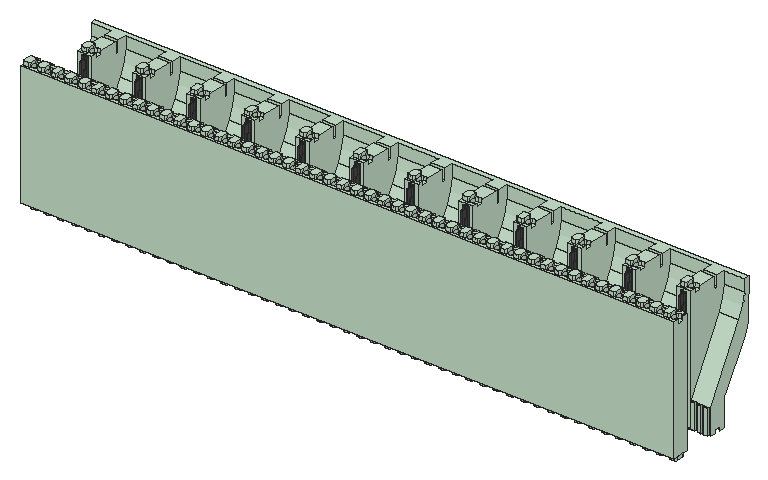
Revit family "ICF- NUDURA 4-inch- Brick Ledge Form Unit- Imperial", category Generic Models, Revit 2011 (continued)
Forms (in)
  Extrusion 106, void
    sketch origin (90, 1, 0) x (-1, 0, 0) y (0, -1, 0)
      loop
        line (2, 3.97692) -> (2, 4.89808)
        arc (2, 4.89808) -> (1.95215, 5.04517) -> (1.82692, 5.13595) r 0.25
        arc (1.82692, 5.13595) -> (1.5, 5.1875) -> (1.17308, 5.13595) r 1.0625
        arc (1.17308, 5.13595) -> (1.04785, 5.04517) -> (1, 4.89808) r 0.25
    from 0 to 0.5
  Extrusion 107, void
    sketch origin (92, 1, 0) x (-1, 0, 0) y (0, -1, 0)
      loop
        line (1, 4.89808) -> (1, 3.97692)
        arc (1, 3.97692) -> (1.04785, 3.82983) -> (1.17308, 3.73905) r 0.25
        arc (1.17308, 3.73905) -> (1.42092, 3.69045) -> (1.67323, 3.70172) r 1.0625
        arc (1.67323, 3.70172) -> (1.72385, 3.68771) -> (1.74592, 3.64005) r 0.0625
        line (1.74592, 3.64005) -> (1.74592, 3.41845) -> (1.91675, 3.41845) -> (1.91675, 3.76455)
        arc (1.91675, 3.76455) -> (1.92106, 3.78736) -> (1.9334, 3.80702) r 0.0625
        arc (1.9334, 3.80702) -> (1.98276, 3.88568) -> (2, 3.97692) r 0.25
        line (2, 3.97692) -> (2, 4.89808)
        arc (2, 4.89808) -> (1.95215, 5.04517) -> (1.82692, 5.13595) r 0.25
        arc (1.82692, 5.13595) -> (1.5, 5.1875) -> (1.17308, 5.13595) r 1.0625
        arc (1.17308, 5.13595) -> (1.04785, 5.04517) -> (1, 4.89808) r 0.25
    from 0 to 0.5
  Extrusion 108, void
    sketch origin (94, 1, 0) x (-1, 0, 0) y (0, -1, 0)
      loop
        line (1, 4.89808) -> (1, 3.97692)
        arc (1, 3.97692) -> (1.04785, 3.82983) -> (1.17308, 3.73905) r 0.25
        arc (1.17308, 3.73905) -> (1.42092, 3.69045) -> (1.67323, 3.70172) r 1.0625
        arc (1.67323, 3.70172) -> (1.72385, 3.68771) -> (1.74592, 3.64005) r 0.0625
        line (1.74592, 3.64005) -> (1.74592, 3.41845) -> (1.91675, 3.41845) -> (1.91675, 3.76455)
        arc (1.91675, 3.76455) -> (1.92106, 3.78736) -> (1.9334, 3.80702) r 0.0625
        arc (1.9334, 3.80702) -> (1.98276, 3.88568) -> (2, 3.97692) r 0.25
        line (2, 3.97692) -> (2, 4.89808)
        arc (2, 4.89808) -> (1.95215, 5.04517) -> (1.82692, 5.13595) r 0.25
        arc (1.82692, 5.13595) -> (1.5, 5.1875) -> (1.17308, 5.13595) r 1.0625
        arc (1.17308, 5.13595) -> (1.04785, 5.04517) -> (1, 4.89808) r 0.25
    from 0 to 0.5
  Extrusion 109, void
    sketch origin (96, 1, 0) x (-1, 0, 0) y (0, -1, 0)
      loop
        line (1, 4.89808) -> (1, 3.97692)
        arc (1, 3.97692) -> (1.04785, 3.82983) -> (1.17308, 3.73905) r 0.25
        arc (1.17308, 3.73905) -> (1.42092, 3.69045) -> (1.67323, 3.70172) r 1.0625
        arc (1.67323, 3.70172) -> (1.72385, 3.68771) -> (1.74592, 3.64005) r 0.0625
        line (1.74592, 3.64005) -> (1.74592, 3.41845) -> (1.91675, 3.41845) -> (1.91675, 3.76455)
        arc (1.91675, 3.76455) -> (1.92106, 3.78736) -> (1.9334, 3.80702) r 0.0625
        arc (1.9334, 3.80702) -> (1.98276, 3.88568) -> (2, 3.97692) r 0.25
        line (2, 3.97692) -> (2, 4.89808)
        arc (2, 4.89808) -> (1.95215, 5.04517) -> (1.82692, 5.13595) r 0.25
        arc (1.82692, 5.13595) -> (1.5, 5.1875) -> (1.17308, 5.13595) r 1.0625
        arc (1.17308, 5.13595) -> (1.04785, 5.04517) -> (1, 4.89808) r 0.25
    from 0 to 0.5
  Extrusion 110, void
    sketch origin (94, -1, 0) x (1, 0, 0) y (0, 1, 0)
      loop
        line (1, 4.89808) -> (1, 3.97692)
        arc (1, 3.97692) -> (1.04785, 3.82983) -> (1.17308, 3.73905) r 0.25
        arc (1.17308, 3.73905) -> (1.42092, 3.69045) -> (1.67323, 3.70172) r 1.0625
        arc (1.67323, 3.70172) -> (1.72385, 3.68771) -> (1.74592, 3.64005) r 0.0625
        line (1.74592, 3.64005) -> (1.74592, 3.41845) -> (1.91675, 3.41845) -> (1.91675, 3.76455)
        arc (1.91675, 3.76455) -> (1.92106, 3.78736) -> (1.9334, 3.80702) r 0.0625
        arc (1.9334, 3.80702) -> (1.98276, 3.88568) -> (2, 3.97692) r 0.25
        line (2, 3.97692) -> (2, 4.89808)
        arc (2, 4.89808) -> (1.95215, 5.04517) -> (1.82692, 5.13595) r 0.25
        arc (1.82692, 5.13595) -> (1.5, 5.1875) -> (1.17308, 5.13595) r 1.0625
        arc (1.17308, 5.13595) -> (1.04785, 5.04517) -> (1, 4.89808) r 0.25
    from 0 to 0.5
  Extrusion 111, void
    sketch origin (92, -1, 0) x (1, 0, 0) y (0, 1, 0)
      loop
        line (1, 4.89808) -> (1, 3.97692)
        arc (1, 3.97692) -> (1.04785, 3.82983) -> (1.17308, 3.73905) r 0.25
        arc (1.17308, 3.73905) -> (1.42092, 3.69045) -> (1.67323, 3.70172) r 1.0625
        arc (1.67323, 3.70172) -> (1.72385, 3.68771) -> (1.74592, 3.64005) r 0.0625
        line (1.74592, 3.64005) -> (1.74592, 3.41845) -> (1.91675, 3.41845) -> (1.91675, 3.76455)
        arc (1.91675, 3.76455) -> (1.92106, 3.78736) -> (1.9334, 3.80702) r 0.0625
        arc (1.9334, 3.80702) -> (1.98276, 3.88568) -> (2, 3.97692) r 0.25
        line (2, 3.97692) -> (2, 4.89808)
        arc (2, 4.89808) -> (1.95215, 5.04517) -> (1.82692, 5.13595) r 0.25
        arc (1.82692, 5.13595) -> (1.5, 5.1875) -> (1.17308, 5.13595) r 1.0625
        arc (1.17308, 5.13595) -> (1.04785, 5.04517) -> (1, 4.89808) r 0.25
    from 0 to 0.5
  Extrusion 112, void
    sketch origin (90, -1, 0) x (1, 0, 0) y (0, 1, 0)
      loop
        line (1, 4.89808) -> (1, 3.97692)
        arc (1, 3.97692) -> (1.04785, 3.82983) -> (1.17308, 3.73905) r 0.25
        arc (1.17308, 3.73905) -> (1.42092, 3.69045) -> (1.67323, 3.70172) r 1.0625
        arc (1.67323, 3.70172) -> (1.72385, 3.68771) -> (1.74592, 3.64005) r 0.0625
        line (1.74592, 3.64005) -> (1.74592, 3.41845) -> (1.91675, 3.41845) -> (1.91675, 3.76455)
        arc (1.91675, 3.76455) -> (1.92106, 3.78736) -> (1.9334, 3.80702) r 0.0625
        arc (1.9334, 3.80702) -> (1.98276, 3.88568) -> (2, 3.97692) r 0.25
        line (2, 3.97692) -> (2, 4.89808)
        arc (2, 4.89808) -> (1.95215, 5.04517) -> (1.82692, 5.13595) r 0.25
        arc (1.82692, 5.13595) -> (1.5, 5.1875) -> (1.17308, 5.13595) r 1.0625
        arc (1.17308, 5.13595) -> (1.04785, 5.04517) -> (1, 4.89808) r 0.25
    from 0 to 0.5
  Extrusion 113, void
    sketch origin (88, -1, 0) x (1, 0, 0) y (0, 1, 0)
      loop
        line (1, 4.89808) -> (1, 3.97692)
        arc (1, 3.97692) -> (1.04785, 3.82983) -> (1.17308, 3.73905) r 0.25
        arc (1.17308, 3.73905) -> (1.42092, 3.69045) -> (1.67323, 3.70172) r 1.0625
        arc (1.67323, 3.70172) -> (1.72385, 3.68771) -> (1.74592, 3.64005) r 0.0625
        line (1.74592, 3.64005) -> (1.74592, 3.41845) -> (1.91675, 3.41845) -> (1.91675, 3.76455)
        arc (1.91675, 3.76455) -> (1.92106, 3.78736) -> (1.9334, 3.80702) r 0.0625
        arc (1.9334, 3.80702) -> (1.98276, 3.88568) -> (2, 3.97692) r 0.25
        line (2, 3.97692) -> (2, 4.89808)
        arc (2, 4.89808) -> (1.95215, 5.04517) -> (1.82692, 5.13595) r 0.25
        arc (1.82692, 5.13595) -> (1.5, 5.1875) -> (1.17308, 5.13595) r 1.0625
        arc (1.17308, 5.13595) -> (1.04785, 5.04517) -> (1, 4.89808) r 0.25
    from 0 to 0.5
  Extrusion 114, void
    sketch origin (86, -1, 0) x (1, 0, 0) y (0, 1, 0)
      loop
        line (1, 4.89808) -> (1, 3.97692)
        arc (1, 3.97692) -> (1.04785, 3.82983) -> (1.17308, 3.73905) r 0.25
        arc (1.17308, 3.73905) -> (1.42092, 3.69045) -> (1.67323, 3.70172) r 1.0625
        arc (1.67323, 3.70172) -> (1.72385, 3.68771) -> (1.74592, 3.64005) r 0.0625
        line (1.74592, 3.64005) -> (1.74592, 3.41845) -> (1.91675, 3.41845) -> (1.91675, 3.76455)
        arc (1.91675, 3.76455) -> (1.92106, 3.78736) -> (1.9334, 3.80702) r 0.0625
        arc (1.9334, 3.80702) -> (1.98276, 3.88568) -> (2, 3.97692) r 0.25
        line (2, 3.97692) -> (2, 4.89808)
        arc (2, 4.89808) -> (1.95215, 5.04517) -> (1.82692, 5.13595) r 0.25
        arc (1.82692, 5.13595) -> (1.5, 5.1875) -> (1.17308, 5.13595) r 1.0625
        arc (1.17308, 5.13595) -> (1.04785, 5.04517) -> (1, 4.89808) r 0.25
    from 0 to 0.5
  Extrusion 115, void
    sketch origin (84, -1, 0) x (1, 0, 0) y (0, 1, 0)
      loop
        line (1, 4.89808) -> (1, 3.97692)
        arc (1, 3.97692) -> (1.04785, 3.82983) -> (1.17308, 3.73905) r 0.25
        arc (1.17308, 3.73905) -> (1.42092, 3.69045) -> (1.67323, 3.70172) r 1.0625
        arc (1.67323, 3.70172) -> (1.72385, 3.68771) -> (1.74592, 3.64005) r 0.0625
        line (1.74592, 3.64005) -> (1.74592, 3.41845) -> (1.91675, 3.41845) -> (1.91675, 3.76455)
        arc (1.91675, 3.76455) -> (1.92106, 3.78736) -> (1.9334, 3.80702) r 0.0625
        arc (1.9334, 3.80702) -> (1.98276, 3.88568) -> (2, 3.97692) r 0.25
        line (2, 3.97692) -> (2, 4.89808)
        arc (2, 4.89808) -> (1.95215, 5.04517) -> (1.82692, 5.13595) r 0.25
        arc (1.82692, 5.13595) -> (1.5, 5.1875) -> (1.17308, 5.13595) r 1.0625
        arc (1.17308, 5.13595) -> (1.04785, 5.04517) -> (1, 4.89808) r 0.25
    from 0 to 0.5
  Extrusion 116, void
    sketch origin (82, -1, 0) x (1, 0, 0) y (0, 1, 0)
      loop
        line (1, 4.89808) -> (1, 3.97692)
        arc (1, 3.97692) -> (1.04785, 3.82983) -> (1.17308, 3.73905) r 0.25
        arc (1.17308, 3.73905) -> (1.42092, 3.69045) -> (1.67323, 3.70172) r 1.0625
        arc (1.67323, 3.70172) -> (1.72385, 3.68771) -> (1.74592, 3.64005) r 0.0625
        line (1.74592, 3.64005) -> (1.74592, 3.41845) -> (1.91675, 3.41845) -> (1.91675, 3.76455)
        arc (1.91675, 3.76455) -> (1.92106, 3.78736) -> (1.9334, 3.80702) r 0.0625
        arc (1.9334, 3.80702) -> (1.98276, 3.88568) -> (2, 3.97692) r 0.25
        line (2, 3.97692) -> (2, 4.89808)
        arc (2, 4.89808) -> (1.95215, 5.04517) -> (1.82692, 5.13595) r 0.25
        arc (1.82692, 5.13595) -> (1.5, 5.1875) -> (1.17308, 5.13595) r 1.0625
        arc (1.17308, 5.13595) -> (1.04785, 5.04517) -> (1, 4.89808) r 0.25
    from 0 to 0.5
  Extrusion 117, void
    sketch origin (80, -1, 0) x (1, 0, 0) y (0, 1, 0)
      loop
        line (1, 4.89808) -> (1, 3.97692)
        arc (1, 3.97692) -> (1.04785, 3.82983) -> (1.17308, 3.73905) r 0.25
        arc (1.17308, 3.73905) -> (1.42092, 3.69045) -> (1.67323, 3.70172) r 1.0625
        arc (1.67323, 3.70172) -> (1.72385, 3.68771) -> (1.74592, 3.64005) r 0.0625
        line (1.74592, 3.64005) -> (1.74592, 3.41845) -> (1.91675, 3.41845) -> (1.91675, 3.76455)
        arc (1.91675, 3.76455) -> (1.92106, 3.78736) -> (1.9334, 3.80702) r 0.0625
        arc (1.9334, 3.80702) -> (1.98276, 3.88568) -> (2, 3.97692) r 0.25
        line (2, 3.97692) -> (2, 4.89808)
        arc (2, 4.89808) -> (1.95215, 5.04517) -> (1.82692, 5.13595) r 0.25
        arc (1.82692, 5.13595) -> (1.5, 5.1875) -> (1.17308, 5.13595) r 1.0625
        arc (1.17308, 5.13595) -> (1.04785, 5.04517) -> (1, 4.89808) r 0.25
    from 0 to 0.5
  Extrusion 118, void
    sketch origin (78, -1, 0) x (1, 0, 0) y (0, 1, 0)
      loop
        line (1, 4.89808) -> (1, 3.97692)
        arc (1, 3.97692) -> (1.04785, 3.82983) -> (1.17308, 3.73905) r 0.25
        arc (1.17308, 3.73905) -> (1.42092, 3.69045) -> (1.67323, 3.70172) r 1.0625
        arc (1.67323, 3.70172) -> (1.72385, 3.68771) -> (1.74592, 3.64005) r 0.0625
        line (1.74592, 3.64005) -> (1.74592, 3.41845) -> (1.91675, 3.41845) -> (1.91675, 3.76455)
        arc (1.91675, 3.76455) -> (1.92106, 3.78736) -> (1.9334, 3.80702) r 0.0625
        arc (1.9334, 3.80702) -> (1.98276, 3.88568) -> (2, 3.97692) r 0.25
        line (2, 3.97692) -> (2, 4.89808)
        arc (2, 4.89808) -> (1.95215, 5.04517) -> (1.82692, 5.13595) r 0.25
        arc (1.82692, 5.13595) -> (1.5, 5.1875) -> (1.17308, 5.13595) r 1.0625
        arc (1.17308, 5.13595) -> (1.04785, 5.04517) -> (1, 4.89808) r 0.25
    from 0 to 0.5
  Extrusion 119, void
    sketch origin (76, -1, 0) x (1, 0, 0) y (0, 1, 0)
      loop
        line (1, 4.89808) -> (1, 3.97692)
        arc (1, 3.97692) -> (1.04785, 3.82983) -> (1.17308, 3.73905) r 0.25
        arc (1.17308, 3.73905) -> (1.42092, 3.69045) -> (1.67323, 3.70172) r 1.0625
        arc (1.67323, 3.70172) -> (1.72385, 3.68771) -> (1.74592, 3.64005) r 0.0625
        line (1.74592, 3.64005) -> (1.74592, 3.41845) -> (1.91675, 3.41845) -> (1.91675, 3.76455)
        arc (1.91675, 3.76455) -> (1.92106, 3.78736) -> (1.9334, 3.80702) r 0.0625
        arc (1.9334, 3.80702) -> (1.98276, 3.88568) -> (2, 3.97692) r 0.25
        line (2, 3.97692) -> (2, 4.89808)
        arc (2, 4.89808) -> (1.95215, 5.04517) -> (1.82692, 5.13595) r 0.25
        arc (1.82692, 5.13595) -> (1.5, 5.1875) -> (1.17308, 5.13595) r 1.0625
        arc (1.17308, 5.13595) -> (1.04785, 5.04517) -> (1, 4.89808) r 0.25
    from 0 to 0.5
  Extrusion 120, void
    sketch origin (74, -1, 0) x (1, 0, 0) y (0, 1, 0)
      loop
        line (1, 4.89808) -> (1, 3.97692)
        arc (1, 3.97692) -> (1.04785, 3.82983) -> (1.17308, 3.73905) r 0.25
        arc (1.17308, 3.73905) -> (1.42092, 3.69045) -> (1.67323, 3.70172) r 1.0625
        arc (1.67323, 3.70172) -> (1.72385, 3.68771) -> (1.74592, 3.64005) r 0.0625
        line (1.74592, 3.64005) -> (1.74592, 3.41845) -> (1.91675, 3.41845) -> (1.91675, 3.76455)
        arc (1.91675, 3.76455) -> (1.92106, 3.78736) -> (1.9334, 3.80702) r 0.0625
        arc (1.9334, 3.80702) -> (1.98276, 3.88568) -> (2, 3.97692) r 0.25
        line (2, 3.97692) -> (2, 4.89808)
        arc (2, 4.89808) -> (1.95215, 5.04517) -> (1.82692, 5.13595) r 0.25
        arc (1.82692, 5.13595) -> (1.5, 5.1875) -> (1.17308, 5.13595) r 1.0625
        arc (1.17308, 5.13595) -> (1.04785, 5.04517) -> (1, 4.89808) r 0.25
    from 0 to 0.5
  Extrusion 121, void
    sketch origin (72, -1, 0) x (1, 0, 0) y (0, 1, 0)
      loop
        line (1, 4.89808) -> (1, 3.97692)
        arc (1, 3.97692) -> (1.04785, 3.82983) -> (1.17308, 3.73905) r 0.25
        arc (1.17308, 3.73905) -> (1.42092, 3.69045) -> (1.67323, 3.70172) r 1.0625
        arc (1.67323, 3.70172) -> (1.72385, 3.68771) -> (1.74592, 3.64005) r 0.0625
        line (1.74592, 3.64005) -> (1.74592, 3.41845) -> (1.91675, 3.41845) -> (1.91675, 3.76455)
        arc (1.91675, 3.76455) -> (1.92106, 3.78736) -> (1.9334, 3.80702) r 0.0625
        arc (1.9334, 3.80702) -> (1.98276, 3.88568) -> (2, 3.97692) r 0.25
        line (2, 3.97692) -> (2, 4.89808)
        arc (2, 4.89808) -> (1.95215, 5.04517) -> (1.82692, 5.13595) r 0.25
        arc (1.82692, 5.13595) -> (1.5, 5.1875) -> (1.17308, 5.13595) r 1.0625
        arc (1.17308, 5.13595) -> (1.04785, 5.04517) -> (1, 4.89808) r 0.25
    from 0 to 0.5
  Extrusion 122, void
    sketch origin (70, -1, 0) x (1, 0, 0) y (0, 1, 0)
      loop
        line (1, 4.89808) -> (1, 3.97692)
        arc (1, 3.97692) -> (1.04785, 3.82983) -> (1.17308, 3.73905) r 0.25
        arc (1.17308, 3.73905) -> (1.42092, 3.69045) -> (1.67323, 3.70172) r 1.0625
        arc (1.67323, 3.70172) -> (1.72385, 3.68771) -> (1.74592, 3.64005) r 0.0625
        line (1.74592, 3.64005) -> (1.74592, 3.41845) -> (1.91675, 3.41845) -> (1.91675, 3.76455)
        arc (1.91675, 3.76455) -> (1.92106, 3.78736) -> (1.9334, 3.80702) r 0.0625
        arc (1.9334, 3.80702) -> (1.98276, 3.88568) -> (2, 3.97692) r 0.25
        line (2, 3.97692) -> (2, 4.89808)
        arc (2, 4.89808) -> (1.95215, 5.04517) -> (1.82692, 5.13595) r 0.25
        arc (1.82692, 5.13595) -> (1.5, 5.1875) -> (1.17308, 5.13595) r 1.0625
        arc (1.17308, 5.13595) -> (1.04785, 5.04517) -> (1, 4.89808) r 0.25
    from 0 to 0.5
  Extrusion 123, void
    sketch origin (68, -1, 0) x (1, 0, 0) y (0, 1, 0)
      loop
        line (1, 4.89808) -> (1, 3.97692)
        arc (1, 3.97692) -> (1.04785, 3.82983) -> (1.17308, 3.73905) r 0.25
        arc (1.17308, 3.73905) -> (1.42092, 3.69045) -> (1.67323, 3.70172) r 1.0625
        arc (1.67323, 3.70172) -> (1.72385, 3.68771) -> (1.74592, 3.64005) r 0.0625
        line (1.74592, 3.64005) -> (1.74592, 3.41845) -> (1.91675, 3.41845) -> (1.91675, 3.76455)
        arc (1.91675, 3.76455) -> (1.92106, 3.78736) -> (1.9334, 3.80702) r 0.0625
        arc (1.9334, 3.80702) -> (1.98276, 3.88568) -> (2, 3.97692) r 0.25
        line (2, 3.97692) -> (2, 4.89808)
        arc (2, 4.89808) -> (1.95215, 5.04517) -> (1.82692, 5.13595) r 0.25
        arc (1.82692, 5.13595) -> (1.5, 5.1875) -> (1.17308, 5.13595) r 1.0625
        arc (1.17308, 5.13595) -> (1.04785, 5.04517) -> (1, 4.89808) r 0.25
    from 0 to 0.5
  Extrusion 124, void
    sketch origin (66, -1, 0) x (1, 0, 0) y (0, 1, 0)
      loop
        line (1, 4.89808) -> (1, 3.97692)
        arc (1, 3.97692) -> (1.04785, 3.82983) -> (1.17308, 3.73905) r 0.25
        arc (1.17308, 3.73905) -> (1.42092, 3.69045) -> (1.67323, 3.70172) r 1.0625
        arc (1.67323, 3.70172) -> (1.72385, 3.68771) -> (1.74592, 3.64005) r 0.0625
        line (1.74592, 3.64005) -> (1.74592, 3.41845) -> (1.91675, 3.41845) -> (1.91675, 3.76455)
        arc (1.91675, 3.76455) -> (1.92106, 3.78736) -> (1.9334, 3.80702) r 0.0625
        arc (1.9334, 3.80702) -> (1.98276, 3.88568) -> (2, 3.97692) r 0.25
        line (2, 3.97692) -> (2, 4.89808)
        arc (2, 4.89808) -> (1.95215, 5.04517) -> (1.82692, 5.13595) r 0.25
        arc (1.82692, 5.13595) -> (1.5, 5.1875) -> (1.17308, 5.13595) r 1.0625
        arc (1.17308, 5.13595) -> (1.04785, 5.04517) -> (1, 4.89808) r 0.25
    from 0 to 0.5
  Extrusion 125, void
    sketch origin (64, -1, 0) x (1, 0, 0) y (0, 1, 0)
      loop
        line (1, 4.89808) -> (1, 3.97692)
        arc (1, 3.97692) -> (1.04785, 3.82983) -> (1.17308, 3.73905) r 0.25
        arc (1.17308, 3.73905) -> (1.42092, 3.69045) -> (1.67323, 3.70172) r 1.0625
        arc (1.67323, 3.70172) -> (1.72385, 3.68771) -> (1.74592, 3.64005) r 0.0625
        line (1.74592, 3.64005) -> (1.74592, 3.41845) -> (1.91675, 3.41845) -> (1.91675, 3.76455)
        arc (1.91675, 3.76455) -> (1.92106, 3.78736) -> (1.9334, 3.80702) r 0.0625
        arc (1.9334, 3.80702) -> (1.98276, 3.88568) -> (2, 3.97692) r 0.25
        line (2, 3.97692) -> (2, 4.89808)
        arc (2, 4.89808) -> (1.95215, 5.04517) -> (1.82692, 5.13595) r 0.25
        arc (1.82692, 5.13595) -> (1.5, 5.1875) -> (1.17308, 5.13595) r 1.0625
        arc (1.17308, 5.13595) -> (1.04785, 5.04517) -> (1, 4.89808) r 0.25
    from 0 to 0.5
  Extrusion 126, void
    sketch origin (62, -1, 0) x (1, 0, 0) y (0, 1, 0)
      loop
        line (1, 4.89808) -> (1, 3.97692)
        arc (1, 3.97692) -> (1.04785, 3.82983) -> (1.17308, 3.73905) r 0.25
        arc (1.17308, 3.73905) -> (1.42092, 3.69045) -> (1.67323, 3.70172) r 1.0625
        arc (1.67323, 3.70172) -> (1.72385, 3.68771) -> (1.74592, 3.64005) r 0.0625
        line (1.74592, 3.64005) -> (1.74592, 3.41845) -> (1.91675, 3.41845) -> (1.91675, 3.76455)
        arc (1.91675, 3.76455) -> (1.92106, 3.78736) -> (1.9334, 3.80702) r 0.0625
        arc (1.9334, 3.80702) -> (1.98276, 3.88568) -> (2, 3.97692) r 0.25
        line (2, 3.97692) -> (2, 4.89808)
        arc (2, 4.89808) -> (1.95215, 5.04517) -> (1.82692, 5.13595) r 0.25
        arc (1.82692, 5.13595) -> (1.5, 5.1875) -> (1.17308, 5.13595) r 1.0625
        arc (1.17308, 5.13595) -> (1.04785, 5.04517) -> (1, 4.89808) r 0.25
    from 0 to 0.5
  Extrusion 127, void
    sketch origin (60, -1, 0) x (1, 0, 0) y (0, 1, 0)
      loop
        line (1, 4.89808) -> (1, 3.97692)
        arc (1, 3.97692) -> (1.04785, 3.82983) -> (1.17308, 3.73905) r 0.25
        arc (1.17308, 3.73905) -> (1.42092, 3.69045) -> (1.67323, 3.70172) r 1.0625
        arc (1.67323, 3.70172) -> (1.72385, 3.68771) -> (1.74592, 3.64005) r 0.0625
        line (1.74592, 3.64005) -> (1.74592, 3.41845) -> (1.91675, 3.41845) -> (1.91675, 3.76455)
        arc (1.91675, 3.76455) -> (1.92106, 3.78736) -> (1.9334, 3.80702) r 0.0625
        arc (1.9334, 3.80702) -> (1.98276, 3.88568) -> (2, 3.97692) r 0.25
        line (2, 3.97692) -> (2, 4.89808)
        arc (2, 4.89808) -> (1.95215, 5.04517) -> (1.82692, 5.13595) r 0.25
        arc (1.82692, 5.13595) -> (1.5, 5.1875) -> (1.17308, 5.13595) r 1.0625
        arc (1.17308, 5.13595) -> (1.04785, 5.04517) -> (1, 4.89808) r 0.25
    from 0 to 0.5
  Extrusion 128, void
    sketch origin (58, -1, 0) x (1, 0, 0) y (0, 1, 0)
      loop
        line (1, 4.89808) -> (1, 3.97692)
        arc (1, 3.97692) -> (1.04785, 3.82983) -> (1.17308, 3.73905) r 0.25
        arc (1.17308, 3.73905) -> (1.42092, 3.69045) -> (1.67323, 3.70172) r 1.0625
        arc (1.67323, 3.70172) -> (1.72385, 3.68771) -> (1.74592, 3.64005) r 0.0625
        line (1.74592, 3.64005) -> (1.74592, 3.41845) -> (1.91675, 3.41845) -> (1.91675, 3.76455)
        arc (1.91675, 3.76455) -> (1.92106, 3.78736) -> (1.9334, 3.80702) r 0.0625
        arc (1.9334, 3.80702) -> (1.98276, 3.88568) -> (2, 3.97692) r 0.25
        line (2, 3.97692) -> (2, 4.89808)
        arc (2, 4.89808) -> (1.95215, 5.04517) -> (1.82692, 5.13595) r 0.25
        arc (1.82692, 5.13595) -> (1.5, 5.1875) -> (1.17308, 5.13595) r 1.0625
        arc (1.17308, 5.13595) -> (1.04785, 5.04517) -> (1, 4.89808) r 0.25
    from 0 to 0.5
  Extrusion 129, void
    sketch origin (56, -1, 0) x (1, 0, 0) y (0, 1, 0)
      loop
        line (1, 4.89808) -> (1, 3.97692)
        arc (1, 3.97692) -> (1.04785, 3.82983) -> (1.17308, 3.73905) r 0.25
        arc (1.17308, 3.73905) -> (1.42092, 3.69045) -> (1.67323, 3.70172) r 1.0625
        arc (1.67323, 3.70172) -> (1.72385, 3.68771) -> (1.74592, 3.64005) r 0.0625
        line (1.74592, 3.64005) -> (1.74592, 3.41845) -> (1.91675, 3.41845) -> (1.91675, 3.76455)
        arc (1.91675, 3.76455) -> (1.92106, 3.78736) -> (1.9334, 3.80702) r 0.0625
        arc (1.9334, 3.80702) -> (1.98276, 3.88568) -> (2, 3.97692) r 0.25
        line (2, 3.97692) -> (2, 4.89808)
        arc (2, 4.89808) -> (1.95215, 5.04517) -> (1.82692, 5.13595) r 0.25
        arc (1.82692, 5.13595) -> (1.5, 5.1875) -> (1.17308, 5.13595) r 1.0625
        arc (1.17308, 5.13595) -> (1.04785, 5.04517) -> (1, 4.89808) r 0.25
    from 0 to 0.5
  Extrusion 130, void
    sketch origin (54, -1, 0) x (1, 0, 0) y (0, 1, 0)
      loop
        line (1, 4.89808) -> (1, 3.97692)
        arc (1, 3.97692) -> (1.04785, 3.82983) -> (1.17308, 3.73905) r 0.25
        arc (1.17308, 3.73905) -> (1.42092, 3.69045) -> (1.67323, 3.70172) r 1.0625
        arc (1.67323, 3.70172) -> (1.72385, 3.68771) -> (1.74592, 3.64005) r 0.0625
        line (1.74592, 3.64005) -> (1.74592, 3.41845) -> (1.91675, 3.41845) -> (1.91675, 3.76455)
        arc (1.91675, 3.76455) -> (1.92106, 3.78736) -> (1.9334, 3.80702) r 0.0625
        arc (1.9334, 3.80702) -> (1.98276, 3.88568) -> (2, 3.97692) r 0.25
        line (2, 3.97692) -> (2, 4.89808)
        arc (2, 4.89808) -> (1.95215, 5.04517) -> (1.82692, 5.13595) r 0.25
        arc (1.82692, 5.13595) -> (1.5, 5.1875) -> (1.17308, 5.13595) r 1.0625
        arc (1.17308, 5.13595) -> (1.04785, 5.04517) -> (1, 4.89808) r 0.25
    from 0 to 0.5
  Extrusion 131, void
    sketch origin (52, -1, 0) x (1, 0, 0) y (0, 1, 0)
      loop
        line (1, 4.89808) -> (1, 3.97692)
        arc (1, 3.97692) -> (1.04785, 3.82983) -> (1.17308, 3.73905) r 0.25
        arc (1.17308, 3.73905) -> (1.42092, 3.69045) -> (1.67323, 3.70172) r 1.0625
        arc (1.67323, 3.70172) -> (1.72385, 3.68771) -> (1.74592, 3.64005) r 0.0625
        line (1.74592, 3.64005) -> (1.74592, 3.41845) -> (1.91675, 3.41845) -> (1.91675, 3.76455)
        arc (1.91675, 3.76455) -> (1.92106, 3.78736) -> (1.9334, 3.80702) r 0.0625
        arc (1.9334, 3.80702) -> (1.98276, 3.88568) -> (2, 3.97692) r 0.25
        line (2, 3.97692) -> (2, 4.89808)
        arc (2, 4.89808) -> (1.95215, 5.04517) -> (1.82692, 5.13595) r 0.25
        arc (1.82692, 5.13595) -> (1.5, 5.1875) -> (1.17308, 5.13595) r 1.0625
        arc (1.17308, 5.13595) -> (1.04785, 5.04517) -> (1, 4.89808) r 0.25
    from 0 to 0.5
  Extrusion 132, void
    sketch origin (50, -1, 0) x (1, 0, 0) y (0, 1, 0)
      loop
        line (1, 4.89808) -> (1, 3.97692)
        arc (1, 3.97692) -> (1.04785, 3.82983) -> (1.17308, 3.73905) r 0.25
        arc (1.17308, 3.73905) -> (1.42092, 3.69045) -> (1.67323, 3.70172) r 1.0625
        arc (1.67323, 3.70172) -> (1.72385, 3.68771) -> (1.74592, 3.64005) r 0.0625
        line (1.74592, 3.64005) -> (1.74592, 3.41845) -> (1.91675, 3.41845) -> (1.91675, 3.76455)
        arc (1.91675, 3.76455) -> (1.92106, 3.78736) -> (1.9334, 3.80702) r 0.0625
        arc (1.9334, 3.80702) -> (1.98276, 3.88568) -> (2, 3.97692) r 0.25
        line (2, 3.97692) -> (2, 4.89808)
        arc (2, 4.89808) -> (1.95215, 5.04517) -> (1.82692, 5.13595) r 0.25
        arc (1.82692, 5.13595) -> (1.5, 5.1875) -> (1.17308, 5.13595) r 1.0625
        arc (1.17308, 5.13595) -> (1.04785, 5.04517) -> (1, 4.89808) r 0.25
    from 0 to 0.5
  Extrusion 133, void
    sketch origin (48, -1, 0) x (1, 0, 0) y (0, 1, 0)
      loop
        line (1, 4.89808) -> (1, 3.97692)
        arc (1, 3.97692) -> (1.04785, 3.82983) -> (1.17308, 3.73905) r 0.25
        arc (1.17308, 3.73905) -> (1.42092, 3.69045) -> (1.67323, 3.70172) r 1.0625
        arc (1.67323, 3.70172) -> (1.72385, 3.68771) -> (1.74592, 3.64005) r 0.0625
        line (1.74592, 3.64005) -> (1.74592, 3.41845) -> (1.91675, 3.41845) -> (1.91675, 3.76455)
        arc (1.91675, 3.76455) -> (1.92106, 3.78736) -> (1.9334, 3.80702) r 0.0625
        arc (1.9334, 3.80702) -> (1.98276, 3.88568) -> (2, 3.97692) r 0.25
        line (2, 3.97692) -> (2, 4.89808)
        arc (2, 4.89808) -> (1.95215, 5.04517) -> (1.82692, 5.13595) r 0.25
        arc (1.82692, 5.13595) -> (1.5, 5.1875) -> (1.17308, 5.13595) r 1.0625
        arc (1.17308, 5.13595) -> (1.04785, 5.04517) -> (1, 4.89808) r 0.25
    from 0 to 0.5
  Extrusion 134, void
    sketch origin (46, -1, 0) x (1, 0, 0) y (0, 1, 0)
      loop
        line (1, 4.89808) -> (1, 3.97692)
        arc (1, 3.97692) -> (1.04785, 3.82983) -> (1.17308, 3.73905) r 0.25
        arc (1.17308, 3.73905) -> (1.42092, 3.69045) -> (1.67323, 3.70172) r 1.0625
        arc (1.67323, 3.70172) -> (1.72385, 3.68771) -> (1.74592, 3.64005) r 0.0625
        line (1.74592, 3.64005) -> (1.74592, 3.41845) -> (1.91675, 3.41845) -> (1.91675, 3.76455)
        arc (1.91675, 3.76455) -> (1.92106, 3.78736) -> (1.9334, 3.80702) r 0.0625
        arc (1.9334, 3.80702) -> (1.98276, 3.88568) -> (2, 3.97692) r 0.25
        line (2, 3.97692) -> (2, 4.89808)
        arc (2, 4.89808) -> (1.95215, 5.04517) -> (1.82692, 5.13595) r 0.25
        arc (1.82692, 5.13595) -> (1.5, 5.1875) -> (1.17308, 5.13595) r 1.0625
        arc (1.17308, 5.13595) -> (1.04785, 5.04517) -> (1, 4.89808) r 0.25
    from 0 to 0.5
  Extrusion 135, void
    sketch origin (44, -1, 0) x (1, 0, 0) y (0, 1, 0)
      loop
        line (1, 4.89808) -> (1, 3.97692)
        arc (1, 3.97692) -> (1.04785, 3.82983) -> (1.17308, 3.73905) r 0.25
        arc (1.17308, 3.73905) -> (1.42092, 3.69045) -> (1.67323, 3.70172) r 1.0625
        arc (1.67323, 3.70172) -> (1.72385, 3.68771) -> (1.74592, 3.64005) r 0.0625
        line (1.74592, 3.64005) -> (1.74592, 3.41845) -> (1.91675, 3.41845) -> (1.91675, 3.76455)
        arc (1.91675, 3.76455) -> (1.92106, 3.78736) -> (1.9334, 3.80702) r 0.0625
        arc (1.9334, 3.80702) -> (1.98276, 3.88568) -> (2, 3.97692) r 0.25
        line (2, 3.97692) -> (2, 4.89808)
        arc (2, 4.89808) -> (1.95215, 5.04517) -> (1.82692, 5.13595) r 0.25
        arc (1.82692, 5.13595) -> (1.5, 5.1875) -> (1.17308, 5.13595) r 1.0625
        arc (1.17308, 5.13595) -> (1.04785, 5.04517) -> (1, 4.89808) r 0.25
    from 0 to 0.5
  Extrusion 136, void
    sketch origin (42, -1, 0) x (1, 0, 0) y (0, 1, 0)
      loop
        line (1, 4.89808) -> (1, 3.97692)
        arc (1, 3.97692) -> (1.04785, 3.82983) -> (1.17308, 3.73905) r 0.25
        arc (1.17308, 3.73905) -> (1.42092, 3.69045) -> (1.67323, 3.70172) r 1.0625
        arc (1.67323, 3.70172) -> (1.72385, 3.68771) -> (1.74592, 3.64005) r 0.0625
        line (1.74592, 3.64005) -> (1.74592, 3.41845) -> (1.91675, 3.41845) -> (1.91675, 3.76455)
        arc (1.91675, 3.76455) -> (1.92106, 3.78736) -> (1.9334, 3.80702) r 0.0625
        arc (1.9334, 3.80702) -> (1.98276, 3.88568) -> (2, 3.97692) r 0.25
        line (2, 3.97692) -> (2, 4.89808)
        arc (2, 4.89808) -> (1.95215, 5.04517) -> (1.82692, 5.13595) r 0.25
        arc (1.82692, 5.13595) -> (1.5, 5.1875) -> (1.17308, 5.13595) r 1.0625
        arc (1.17308, 5.13595) -> (1.04785, 5.04517) -> (1, 4.89808) r 0.25
    from 0 to 0.5
  Extrusion 137, void
    sketch origin (40, -1, 0) x (1, 0, 0) y (0, 1, 0)
      loop
        line (1, 4.89808) -> (1, 3.97692)
        arc (1, 3.97692) -> (1.04785, 3.82983) -> (1.17308, 3.73905) r 0.25
        arc (1.17308, 3.73905) -> (1.42092, 3.69045) -> (1.67323, 3.70172) r 1.0625
        arc (1.67323, 3.70172) -> (1.72385, 3.68771) -> (1.74592, 3.64005) r 0.0625
        line (1.74592, 3.64005) -> (1.74592, 3.41845) -> (1.91675, 3.41845) -> (1.91675, 3.76455)
        arc (1.91675, 3.76455) -> (1.92106, 3.78736) -> (1.9334, 3.80702) r 0.0625
        arc (1.9334, 3.80702) -> (1.98276, 3.88568) -> (2, 3.97692) r 0.25
        line (2, 3.97692) -> (2, 4.89808)
        arc (2, 4.89808) -> (1.95215, 5.04517) -> (1.82692, 5.13595) r 0.25
        arc (1.82692, 5.13595) -> (1.5, 5.1875) -> (1.17308, 5.13595) r 1.0625
        arc (1.17308, 5.13595) -> (1.04785, 5.04517) -> (1, 4.89808) r 0.25
    from 0 to 0.5
  Extrusion 138, void
    sketch origin (38, -1, 0) x (1, 0, 0) y (0, 1, 0)
      loop
        line (1, 4.89808) -> (1, 3.97692)
        arc (1, 3.97692) -> (1.04785, 3.82983) -> (1.17308, 3.73905) r 0.25
        arc (1.17308, 3.73905) -> (1.42092, 3.69045) -> (1.67323, 3.70172) r 1.0625
        arc (1.67323, 3.70172) -> (1.72385, 3.68771) -> (1.74592, 3.64005) r 0.0625
        line (1.74592, 3.64005) -> (1.74592, 3.41845) -> (1.91675, 3.41845) -> (1.91675, 3.76455)
        arc (1.91675, 3.76455) -> (1.92106, 3.78736) -> (1.9334, 3.80702) r 0.0625
        arc (1.9334, 3.80702) -> (1.98276, 3.88568) -> (2, 3.97692) r 0.25
        line (2, 3.97692) -> (2, 4.89808)
        arc (2, 4.89808) -> (1.95215, 5.04517) -> (1.82692, 5.13595) r 0.25
        arc (1.82692, 5.13595) -> (1.5, 5.1875) -> (1.17308, 5.13595) r 1.0625
        arc (1.17308, 5.13595) -> (1.04785, 5.04517) -> (1, 4.89808) r 0.25
    from 0 to 0.5
  Extrusion 139, void
    sketch origin (36, -1, 0) x (1, 0, 0) y (0, 1, 0)
      loop
        line (1, 4.89808) -> (1, 3.97692)
        arc (1, 3.97692) -> (1.04785, 3.82983) -> (1.17308, 3.73905) r 0.25
        arc (1.17308, 3.73905) -> (1.42092, 3.69045) -> (1.67323, 3.70172) r 1.0625
        arc (1.67323, 3.70172) -> (1.72385, 3.68771) -> (1.74592, 3.64005) r 0.0625
        line (1.74592, 3.64005) -> (1.74592, 3.41845) -> (1.91675, 3.41845) -> (1.91675, 3.76455)
        arc (1.91675, 3.76455) -> (1.92106, 3.78736) -> (1.9334, 3.80702) r 0.0625
        arc (1.9334, 3.80702) -> (1.98276, 3.88568) -> (2, 3.97692) r 0.25
        line (2, 3.97692) -> (2, 4.89808)
        arc (2, 4.89808) -> (1.95215, 5.04517) -> (1.82692, 5.13595) r 0.25
        arc (1.82692, 5.13595) -> (1.5, 5.1875) -> (1.17308, 5.13595) r 1.0625
        arc (1.17308, 5.13595) -> (1.04785, 5.04517) -> (1, 4.89808) r 0.25
    from 0 to 0.5
  Extrusion 140, void
    sketch origin (34, -1, 0) x (1, 0, 0) y (0, 1, 0)
      loop
        line (1, 4.89808) -> (1, 3.97692)
        arc (1, 3.97692) -> (1.04785, 3.82983) -> (1.17308, 3.73905) r 0.25
        arc (1.17308, 3.73905) -> (1.42092, 3.69045) -> (1.67323, 3.70172) r 1.0625
        arc (1.67323, 3.70172) -> (1.72385, 3.68771) -> (1.74592, 3.64005) r 0.0625
        line (1.74592, 3.64005) -> (1.74592, 3.41845) -> (1.91675, 3.41845) -> (1.91675, 3.76455)
        arc (1.91675, 3.76455) -> (1.92106, 3.78736) -> (1.9334, 3.80702) r 0.0625
        arc (1.9334, 3.80702) -> (1.98276, 3.88568) -> (2, 3.97692) r 0.25
        line (2, 3.97692) -> (2, 4.89808)
        arc (2, 4.89808) -> (1.95215, 5.04517) -> (1.82692, 5.13595) r 0.25
        arc (1.82692, 5.13595) -> (1.5, 5.1875) -> (1.17308, 5.13595) r 1.0625
        arc (1.17308, 5.13595) -> (1.04785, 5.04517) -> (1, 4.89808) r 0.25
    from 0 to 0.5
  Extrusion 141, void
    sketch origin (32, -1, 0) x (1, 0, 0) y (0, 1, 0)
      loop
        line (1, 4.89808) -> (1, 3.97692)
        arc (1, 3.97692) -> (1.04785, 3.82983) -> (1.17308, 3.73905) r 0.25
        arc (1.17308, 3.73905) -> (1.42092, 3.69045) -> (1.67323, 3.70172) r 1.0625
        arc (1.67323, 3.70172) -> (1.72385, 3.68771) -> (1.74592, 3.64005) r 0.0625
        line (1.74592, 3.64005) -> (1.74592, 3.41845) -> (1.91675, 3.41845) -> (1.91675, 3.76455)
        arc (1.91675, 3.76455) -> (1.92106, 3.78736) -> (1.9334, 3.80702) r 0.0625
        arc (1.9334, 3.80702) -> (1.98276, 3.88568) -> (2, 3.97692) r 0.25
        line (2, 3.97692) -> (2, 4.89808)
        arc (2, 4.89808) -> (1.95215, 5.04517) -> (1.82692, 5.13595) r 0.25
        arc (1.82692, 5.13595) -> (1.5, 5.1875) -> (1.17308, 5.13595) r 1.0625
        arc (1.17308, 5.13595) -> (1.04785, 5.04517) -> (1, 4.89808) r 0.25
    from 0 to 0.5
  Extrusion 142, void
    sketch origin (30, -1, 0) x (1, 0, 0) y (0, 1, 0)
      loop
        line (1, 4.89808) -> (1, 3.97692)
        arc (1, 3.97692) -> (1.04785, 3.82983) -> (1.17308, 3.73905) r 0.25
        arc (1.17308, 3.73905) -> (1.42092, 3.69045) -> (1.67323, 3.70172) r 1.0625
        arc (1.67323, 3.70172) -> (1.72385, 3.68771) -> (1.74592, 3.64005) r 0.0625
        line (1.74592, 3.64005) -> (1.74592, 3.41845) -> (1.91675, 3.41845) -> (1.91675, 3.76455)
        arc (1.91675, 3.76455) -> (1.92106, 3.78736) -> (1.9334, 3.80702) r 0.0625
        arc (1.9334, 3.80702) -> (1.98276, 3.88568) -> (2, 3.97692) r 0.25
        line (2, 3.97692) -> (2, 4.89808)
        arc (2, 4.89808) -> (1.95215, 5.04517) -> (1.82692, 5.13595) r 0.25
        arc (1.82692, 5.13595) -> (1.5, 5.1875) -> (1.17308, 5.13595) r 1.0625
        arc (1.17308, 5.13595) -> (1.04785, 5.04517) -> (1, 4.89808) r 0.25
    from 0 to 0.5
  Extrusion 143, void
    sketch origin (28, -1, 0) x (1, 0, 0) y (0, 1, 0)
      loop
        line (1, 4.89808) -> (1, 3.97692)
        arc (1, 3.97692) -> (1.04785, 3.82983) -> (1.17308, 3.73905) r 0.25
        arc (1.17308, 3.73905) -> (1.42092, 3.69045) -> (1.67323, 3.70172) r 1.0625
        arc (1.67323, 3.70172) -> (1.72385, 3.68771) -> (1.74592, 3.64005) r 0.0625
        line (1.74592, 3.64005) -> (1.74592, 3.41845) -> (1.91675, 3.41845) -> (1.91675, 3.76455)
        arc (1.91675, 3.76455) -> (1.92106, 3.78736) -> (1.9334, 3.80702) r 0.0625
        arc (1.9334, 3.80702) -> (1.98276, 3.88568) -> (2, 3.97692) r 0.25
        line (2, 3.97692) -> (2, 4.89808)
        arc (2, 4.89808) -> (1.95215, 5.04517) -> (1.82692, 5.13595) r 0.25
        arc (1.82692, 5.13595) -> (1.5, 5.1875) -> (1.17308, 5.13595) r 1.0625
        arc (1.17308, 5.13595) -> (1.04785, 5.04517) -> (1, 4.89808) r 0.25
    from 0 to 0.5
  Extrusion 144, void
    sketch origin (26, -1, 0) x (1, 0, 0) y (0, 1, 0)
      loop
        line (1, 4.89808) -> (1, 3.97692)
        arc (1, 3.97692) -> (1.04785, 3.82983) -> (1.17308, 3.73905) r 0.25
        arc (1.17308, 3.73905) -> (1.42092, 3.69045) -> (1.67323, 3.70172) r 1.0625
        arc (1.67323, 3.70172) -> (1.72385, 3.68771) -> (1.74592, 3.64005) r 0.0625
        line (1.74592, 3.64005) -> (1.74592, 3.41845) -> (1.91675, 3.41845) -> (1.91675, 3.76455)
        arc (1.91675, 3.76455) -> (1.92106, 3.78736) -> (1.9334, 3.80702) r 0.0625
        arc (1.9334, 3.80702) -> (1.98276, 3.88568) -> (2, 3.97692) r 0.25
        line (2, 3.97692) -> (2, 4.89808)
        arc (2, 4.89808) -> (1.95215, 5.04517) -> (1.82692, 5.13595) r 0.25
        arc (1.82692, 5.13595) -> (1.5, 5.1875) -> (1.17308, 5.13595) r 1.0625
        arc (1.17308, 5.13595) -> (1.04785, 5.04517) -> (1, 4.89808) r 0.25
    from 0 to 0.5
  Extrusion 145, void
    sketch origin (24, -1, 0) x (1, 0, 0) y (0, 1, 0)
      loop
        line (1, 4.89808) -> (1, 3.97692)
        arc (1, 3.97692) -> (1.04785, 3.82983) -> (1.17308, 3.73905) r 0.25
        arc (1.17308, 3.73905) -> (1.42092, 3.69045) -> (1.67323, 3.70172) r 1.0625
        arc (1.67323, 3.70172) -> (1.72385, 3.68771) -> (1.74592, 3.64005) r 0.0625
        line (1.74592, 3.64005) -> (1.74592, 3.41845) -> (1.91675, 3.41845) -> (1.91675, 3.76455)
        arc (1.91675, 3.76455) -> (1.92106, 3.78736) -> (1.9334, 3.80702) r 0.0625
        arc (1.9334, 3.80702) -> (1.98276, 3.88568) -> (2, 3.97692) r 0.25
        line (2, 3.97692) -> (2, 4.89808)
        arc (2, 4.89808) -> (1.95215, 5.04517) -> (1.82692, 5.13595) r 0.25
        arc (1.82692, 5.13595) -> (1.5, 5.1875) -> (1.17308, 5.13595) r 1.0625
        arc (1.17308, 5.13595) -> (1.04785, 5.04517) -> (1, 4.89808) r 0.25
    from 0 to 0.5
  Extrusion 146, void
    sketch origin (22, -1, 0) x (1, 0, 0) y (0, 1, 0)
      loop
        line (1, 4.89808) -> (1, 3.97692)
        arc (1, 3.97692) -> (1.04785, 3.82983) -> (1.17308, 3.73905) r 0.25
        arc (1.17308, 3.73905) -> (1.42092, 3.69045) -> (1.67323, 3.70172) r 1.0625
        arc (1.67323, 3.70172) -> (1.72385, 3.68771) -> (1.74592, 3.64005) r 0.0625
        line (1.74592, 3.64005) -> (1.74592, 3.41845) -> (1.91675, 3.41845) -> (1.91675, 3.76455)
        arc (1.91675, 3.76455) -> (1.92106, 3.78736) -> (1.9334, 3.80702) r 0.0625
        arc (1.9334, 3.80702) -> (1.98276, 3.88568) -> (2, 3.97692) r 0.25
        line (2, 3.97692) -> (2, 4.89808)
        arc (2, 4.89808) -> (1.95215, 5.04517) -> (1.82692, 5.13595) r 0.25
        arc (1.82692, 5.13595) -> (1.5, 5.1875) -> (1.17308, 5.13595) r 1.0625
        arc (1.17308, 5.13595) -> (1.04785, 5.04517) -> (1, 4.89808) r 0.25
    from 0 to 0.5
  Extrusion 147, void
    sketch origin (20, -1, 0) x (1, 0, 0) y (0, 1, 0)
      loop
        line (1, 4.89808) -> (1, 3.97692)
        arc (1, 3.97692) -> (1.04785, 3.82983) -> (1.17308, 3.73905) r 0.25
        arc (1.17308, 3.73905) -> (1.42092, 3.69045) -> (1.67323, 3.70172) r 1.0625
        arc (1.67323, 3.70172) -> (1.72385, 3.68771) -> (1.74592, 3.64005) r 0.0625
        line (1.74592, 3.64005) -> (1.74592, 3.41845) -> (1.91675, 3.41845) -> (1.91675, 3.76455)
        arc (1.91675, 3.76455) -> (1.92106, 3.78736) -> (1.9334, 3.80702) r 0.0625
        arc (1.9334, 3.80702) -> (1.98276, 3.88568) -> (2, 3.97692) r 0.25
        line (2, 3.97692) -> (2, 4.89808)
        arc (2, 4.89808) -> (1.95215, 5.04517) -> (1.82692, 5.13595) r 0.25
        arc (1.82692, 5.13595) -> (1.5, 5.1875) -> (1.17308, 5.13595) r 1.0625
        arc (1.17308, 5.13595) -> (1.04785, 5.04517) -> (1, 4.89808) r 0.25
    from 0 to 0.5
  Extrusion 148, void
    sketch origin (18, -1, 0) x (1, 0, 0) y (0, 1, 0)
      loop
        line (1, 4.89808) -> (1, 3.97692)
        arc (1, 3.97692) -> (1.04785, 3.82983) -> (1.17308, 3.73905) r 0.25
        arc (1.17308, 3.73905) -> (1.42092, 3.69045) -> (1.67323, 3.70172) r 1.0625
        arc (1.67323, 3.70172) -> (1.72385, 3.68771) -> (1.74592, 3.64005) r 0.0625
        line (1.74592, 3.64005) -> (1.74592, 3.41845) -> (1.91675, 3.41845) -> (1.91675, 3.76455)
        arc (1.91675, 3.76455) -> (1.92106, 3.78736) -> (1.9334, 3.80702) r 0.0625
        arc (1.9334, 3.80702) -> (1.98276, 3.88568) -> (2, 3.97692) r 0.25
        line (2, 3.97692) -> (2, 4.89808)
        arc (2, 4.89808) -> (1.95215, 5.04517) -> (1.82692, 5.13595) r 0.25
        arc (1.82692, 5.13595) -> (1.5, 5.1875) -> (1.17308, 5.13595) r 1.0625
        arc (1.17308, 5.13595) -> (1.04785, 5.04517) -> (1, 4.89808) r 0.25
    from 0 to 0.5
  Extrusion 149, void
    sketch origin (16, -1, 0) x (1, 0, 0) y (0, 1, 0)
      loop
        line (1, 4.89808) -> (1, 3.97692)
        arc (1, 3.97692) -> (1.04785, 3.82983) -> (1.17308, 3.73905) r 0.25
        arc (1.17308, 3.73905) -> (1.42092, 3.69045) -> (1.67323, 3.70172) r 1.0625
        arc (1.67323, 3.70172) -> (1.72385, 3.68771) -> (1.74592, 3.64005) r 0.0625
        line (1.74592, 3.64005) -> (1.74592, 3.41845) -> (1.91675, 3.41845) -> (1.91675, 3.76455)
        arc (1.91675, 3.76455) -> (1.92106, 3.78736) -> (1.9334, 3.80702) r 0.0625
        arc (1.9334, 3.80702) -> (1.98276, 3.88568) -> (2, 3.97692) r 0.25
        line (2, 3.97692) -> (2, 4.89808)
        arc (2, 4.89808) -> (1.95215, 5.04517) -> (1.82692, 5.13595) r 0.25
        arc (1.82692, 5.13595) -> (1.5, 5.1875) -> (1.17308, 5.13595) r 1.0625
        arc (1.17308, 5.13595) -> (1.04785, 5.04517) -> (1, 4.89808) r 0.25
    from 0 to 0.5
  Extrusion 150, void
    sketch origin (14, -1, 0) x (1, 0, 0) y (0, 1, 0)
      loop
        line (1, 4.89808) -> (1, 3.97692)
        arc (1, 3.97692) -> (1.04785, 3.82983) -> (1.17308, 3.73905) r 0.25
        arc (1.17308, 3.73905) -> (1.42092, 3.69045) -> (1.67323, 3.70172) r 1.0625
        arc (1.67323, 3.70172) -> (1.72385, 3.68771) -> (1.74592, 3.64005) r 0.0625
        line (1.74592, 3.64005) -> (1.74592, 3.41845) -> (1.91675, 3.41845) -> (1.91675, 3.76455)
        arc (1.91675, 3.76455) -> (1.92106, 3.78736) -> (1.9334, 3.80702) r 0.0625
        arc (1.9334, 3.80702) -> (1.98276, 3.88568) -> (2, 3.97692) r 0.25
        line (2, 3.97692) -> (2, 4.89808)
        arc (2, 4.89808) -> (1.95215, 5.04517) -> (1.82692, 5.13595) r 0.25
        arc (1.82692, 5.13595) -> (1.5, 5.1875) -> (1.17308, 5.13595) r 1.0625
        arc (1.17308, 5.13595) -> (1.04785, 5.04517) -> (1, 4.89808) r 0.25
    from 0 to 0.5
  Extrusion 151, void
    sketch origin (12, -1, 0) x (1, 0, 0) y (0, 1, 0)
      loop
        line (1, 4.89808) -> (1, 3.97692)
        arc (1, 3.97692) -> (1.04785, 3.82983) -> (1.17308, 3.73905) r 0.25
        arc (1.17308, 3.73905) -> (1.42092, 3.69045) -> (1.67323, 3.70172) r 1.0625
        arc (1.67323, 3.70172) -> (1.72385, 3.68771) -> (1.74592, 3.64005) r 0.0625
        line (1.74592, 3.64005) -> (1.74592, 3.41845) -> (1.91675, 3.41845) -> (1.91675, 3.76455)
        arc (1.91675, 3.76455) -> (1.92106, 3.78736) -> (1.9334, 3.80702) r 0.0625
        arc (1.9334, 3.80702) -> (1.98276, 3.88568) -> (2, 3.97692) r 0.25
        line (2, 3.97692) -> (2, 4.89808)
        arc (2, 4.89808) -> (1.95215, 5.04517) -> (1.82692, 5.13595) r 0.25
        arc (1.82692, 5.13595) -> (1.5, 5.1875) -> (1.17308, 5.13595) r 1.0625
        arc (1.17308, 5.13595) -> (1.04785, 5.04517) -> (1, 4.89808) r 0.25
    from 0 to 0.5
  Extrusion 152, void
    sketch origin (10, -1, 0) x (1, 0, 0) y (0, 1, 0)
      loop
        line (1, 4.89808) -> (1, 3.97692)
        arc (1, 3.97692) -> (1.04785, 3.82983) -> (1.17308, 3.73905) r 0.25
        arc (1.17308, 3.73905) -> (1.42092, 3.69045) -> (1.67323, 3.70172) r 1.0625
        arc (1.67323, 3.70172) -> (1.72385, 3.68771) -> (1.74592, 3.64005) r 0.0625
        line (1.74592, 3.64005) -> (1.74592, 3.41845) -> (1.91675, 3.41845) -> (1.91675, 3.76455)
        arc (1.91675, 3.76455) -> (1.92106, 3.78736) -> (1.9334, 3.80702) r 0.0625
        arc (1.9334, 3.80702) -> (1.98276, 3.88568) -> (2, 3.97692) r 0.25
        line (2, 3.97692) -> (2, 4.89808)
        arc (2, 4.89808) -> (1.95215, 5.04517) -> (1.82692, 5.13595) r 0.25
        arc (1.82692, 5.13595) -> (1.5, 5.1875) -> (1.17308, 5.13595) r 1.0625
        arc (1.17308, 5.13595) -> (1.04785, 5.04517) -> (1, 4.89808) r 0.25
    from 0 to 0.5
  Extrusion 153, void
    sketch origin (8, -1, 0) x (1, 0, 0) y (0, 1, 0)
      loop
        line (1, 4.89808) -> (1, 3.97692)
        arc (1, 3.97692) -> (1.04785, 3.82983) -> (1.17308, 3.73905) r 0.25
        arc (1.17308, 3.73905) -> (1.42092, 3.69045) -> (1.67323, 3.70172) r 1.0625
        arc (1.67323, 3.70172) -> (1.72385, 3.68771) -> (1.74592, 3.64005) r 0.0625
        line (1.74592, 3.64005) -> (1.74592, 3.41845) -> (1.91675, 3.41845) -> (1.91675, 3.76455)
        arc (1.91675, 3.76455) -> (1.92106, 3.78736) -> (1.9334, 3.80702) r 0.0625
        arc (1.9334, 3.80702) -> (1.98276, 3.88568) -> (2, 3.97692) r 0.25
        line (2, 3.97692) -> (2, 4.89808)
        arc (2, 4.89808) -> (1.95215, 5.04517) -> (1.82692, 5.13595) r 0.25
        arc (1.82692, 5.13595) -> (1.5, 5.1875) -> (1.17308, 5.13595) r 1.0625
        arc (1.17308, 5.13595) -> (1.04785, 5.04517) -> (1, 4.89808) r 0.25
    from 0 to 0.5
  Extrusion 154, void
    sketch origin (6, -1, 0) x (1, 0, 0) y (0, 1, 0)
      loop
        line (1, 4.89808) -> (1, 3.97692)
        arc (1, 3.97692) -> (1.04785, 3.82983) -> (1.17308, 3.73905) r 0.25
        arc (1.17308, 3.73905) -> (1.42092, 3.69045) -> (1.67323, 3.70172) r 1.0625
        arc (1.67323, 3.70172) -> (1.72385, 3.68771) -> (1.74592, 3.64005) r 0.0625
        line (1.74592, 3.64005) -> (1.74592, 3.41845) -> (1.91675, 3.41845) -> (1.91675, 3.76455)
        arc (1.91675, 3.76455) -> (1.92106, 3.78736) -> (1.9334, 3.80702) r 0.0625
        arc (1.9334, 3.80702) -> (1.98276, 3.88568) -> (2, 3.97692) r 0.25
        line (2, 3.97692) -> (2, 4.89808)
        arc (2, 4.89808) -> (1.95215, 5.04517) -> (1.82692, 5.13595) r 0.25
        arc (1.82692, 5.13595) -> (1.5, 5.1875) -> (1.17308, 5.13595) r 1.0625
        arc (1.17308, 5.13595) -> (1.04785, 5.04517) -> (1, 4.89808) r 0.25
    from 0 to 0.5
  Extrusion 155, void
    sketch origin (4, -1, 0) x (1, 0, 0) y (0, 1, 0)
      loop
        line (1, 4.89808) -> (1, 3.97692)
        arc (1, 3.97692) -> (1.04785, 3.82983) -> (1.17308, 3.73905) r 0.25
        arc (1.17308, 3.73905) -> (1.42092, 3.69045) -> (1.67323, 3.70172) r 1.0625
        arc (1.67323, 3.70172) -> (1.72385, 3.68771) -> (1.74592, 3.64005) r 0.0625
        line (1.74592, 3.64005) -> (1.74592, 3.41845) -> (1.91675, 3.41845) -> (1.91675, 3.76455)
        arc (1.91675, 3.76455) -> (1.92106, 3.78736) -> (1.9334, 3.80702) r 0.0625
        arc (1.9334, 3.80702) -> (1.98276, 3.88568) -> (2, 3.97692) r 0.25
        line (2, 3.97692) -> (2, 4.89808)
        arc (2, 4.89808) -> (1.95215, 5.04517) -> (1.82692, 5.13595) r 0.25
        arc (1.82692, 5.13595) -> (1.5, 5.1875) -> (1.17308, 5.13595) r 1.0625
        arc (1.17308, 5.13595) -> (1.04785, 5.04517) -> (1, 4.89808) r 0.25
    from 0 to 0.5
  Extrusion 156, void
    sketch origin (2, -1, 0) x (1, 0, 0) y (0, 1, 0)
      loop
        line (1, 4.89808) -> (1, 3.97692)
        arc (1, 3.97692) -> (1.04785, 3.82983) -> (1.17308, 3.73905) r 0.25
        arc (1.17308, 3.73905) -> (1.42092, 3.69045) -> (1.67323, 3.70172) r 1.0625
        arc (1.67323, 3.70172) -> (1.72385, 3.68771) -> (1.74592, 3.64005) r 0.0625
        line (1.74592, 3.64005) -> (1.74592, 3.41845) -> (1.91675, 3.41845) -> (1.91675, 3.76455)
        arc (1.91675, 3.76455) -> (1.92106, 3.78736) -> (1.9334, 3.80702) r 0.0625
        arc (1.9334, 3.80702) -> (1.98276, 3.88568) -> (2, 3.97692) r 0.25
        line (2, 3.97692) -> (2, 4.89808)
        arc (2, 4.89808) -> (1.95215, 5.04517) -> (1.82692, 5.13595) r 0.25
        arc (1.82692, 5.13595) -> (1.5, 5.1875) -> (1.17308, 5.13595) r 1.0625
        arc (1.17308, 5.13595) -> (1.04785, 5.04517) -> (1, 4.89808) r 0.25
    from 0 to 0.5
  Extrusion 157, void
    sketch origin (0, -1, 0) x (1, 0, 0) y (0, 1, 0)
      loop
        line (1, 4.89808) -> (1, 3.97692)
        arc (1, 3.97692) -> (1.04785, 3.82983) -> (1.17308, 3.73905) r 0.25
        arc (1.17308, 3.73905) -> (1.42092, 3.69045) -> (1.67323, 3.70172) r 1.0625
        arc (1.67323, 3.70172) -> (1.72385, 3.68771) -> (1.74592, 3.64005) r 0.0625
        line (1.74592, 3.64005) -> (1.74592, 3.41845) -> (1.91675, 3.41845) -> (1.91675, 3.76455)
        arc (1.91675, 3.76455) -> (1.92106, 3.78736) -> (1.9334, 3.80702) r 0.0625
        arc (1.9334, 3.80702) -> (1.98276, 3.88568) -> (2, 3.97692) r 0.25
        line (2, 3.97692) -> (2, 4.89808)
        arc (2, 4.89808) -> (1.95215, 5.04517) -> (1.82692, 5.13595) r 0.25
        arc (1.82692, 5.13595) -> (1.5, 5.1875) -> (1.17308, 5.13595) r 1.0625
        arc (1.17308, 5.13595) -> (1.04785, 5.04517) -> (1, 4.89808) r 0.25
    from 0 to 0.5
  Extrusion 158, solid, material "NUDURA Expanded Polystyrene Foam Insulation"
    sketch origin (0, -1, 0) x (0, 1, 0) y (0, 0, 1)
      loop
        line (10.125, 13) -> (10.125, 18) -> (9.425, 18) -> (9.425, 16.25)
        arc (9.425, 16.25) -> (9.05432, 14.58521) -> (8.425, 13) r 10.75
        line (8.425, 13) -> (3.25, 3.625) -> (3.25, 0) -> (5.625, 0) -> (5.625, 3.875)
        arc (5.625, 3.875) -> (5.64627, 4.11731) -> (5.71712, 4.35) r 1.17149
        line (5.71712, 4.35) -> (9.45513, 10.5)
        arc (9.45513, 10.5) -> (9.95463, 11.70591) -> (10.125, 13) r 5
    from 0 to 96
  Extrusion 159, solid, material "NUDURA Expanded Polystyrene Foam Insulation"
    sketch origin (0, -1, 0) x (0, 1, 0) y (0, 0, 1)
      loop
        arc (8.125, 16.5) -> (7.875, 16.25) -> (7.625, 16.5) r 0.25
        line (7.625, 16.5) -> (7.625, 18) -> (3.25, 18) -> (3.25, 3.625) -> (8.425, 13)
        arc (8.425, 13) -> (9.05432, 14.58521) -> (9.425, 16.25) r 10.75
        line (9.425, 16.25) -> (9.425, 18) -> (8.125, 18) -> (8.125, 16.5)
    from 3 to 5
  Extrusion 160, solid, material "NUDURA Expanded Polystyrene Foam Insulation"
    sketch origin (0, -1, 0) x (0, 1, 0) y (0, 0, 1)
      loop
        arc (8.125, 16.5) -> (7.875, 16.25) -> (7.625, 16.5) r 0.25
        line (7.625, 16.5) -> (7.625, 18) -> (3.25, 18) -> (3.25, 3.625) -> (8.425, 13)
        arc (8.425, 13) -> (9.05432, 14.58521) -> (9.425, 16.25) r 10.75
        line (9.425, 16.25) -> (9.425, 18) -> (8.125, 18) -> (8.125, 16.5)
    from 11 to 13
  Extrusion 161, solid, material "NUDURA Expanded Polystyrene Foam Insulation"
    sketch origin (8, -1, 0) x (0, 1, 0) y (0, 0, 1)
      loop
        arc (8.125, 16.5) -> (7.875, 16.25) -> (7.625, 16.5) r 0.25
        line (7.625, 16.5) -> (7.625, 18) -> (3.25, 18) -> (3.25, 3.625) -> (8.425, 13)
        arc (8.425, 13) -> (9.05432, 14.58521) -> (9.425, 16.25) r 10.75
        line (9.425, 16.25) -> (9.425, 18) -> (8.125, 18) -> (8.125, 16.5)
    from 11 to 13
  Extrusion 162, solid, material "NUDURA Expanded Polystyrene Foam Insulation"
    sketch origin (0, -1, 0) x (0, 1, 0) y (0, 0, 1)
      loop
        line (9.425, 18) -> (8.125, 18) -> (8.125, 16.5)
        arc (8.125, 16.5) -> (7.875, 16.25) -> (7.625, 16.5) r 0.25
        line (7.625, 16.5) -> (7.625, 18) -> (3.25, 18) -> (3.25, 3.625) -> (8.425, 13)
        arc (8.425, 13) -> (9.05432, 14.58521) -> (9.425, 16.25) r 10.75
        line (9.425, 16.25) -> (9.425, 18)
    from 27 to 29
  Extrusion 163, solid, material "NUDURA Expanded Polystyrene Foam Insulation"
    sketch origin (0, -1, 0) x (0, 1, 0) y (0, 0, 1)
      loop
        line (9.425, 18) -> (8.125, 18) -> (8.125, 16.5)
        arc (8.125, 16.5) -> (7.875, 16.25) -> (7.625, 16.5) r 0.25
        line (7.625, 16.5) -> (7.625, 18) -> (3.25, 18) -> (3.25, 3.625) -> (8.425, 13)
        arc (8.425, 13) -> (9.05432, 14.58521) -> (9.425, 16.25) r 10.75
        line (9.425, 16.25) -> (9.425, 18)
    from 35 to 37
  Extrusion 164, solid, material "NUDURA Expanded Polystyrene Foam Insulation"
    sketch origin (0, -1, 0) x (0, 1, 0) y (0, 0, 1)
      loop
        line (9.425, 18) -> (8.125, 18) -> (8.125, 16.5)
        arc (8.125, 16.5) -> (7.875, 16.25) -> (7.625, 16.5) r 0.25
        line (7.625, 16.5) -> (7.625, 18) -> (3.25, 18) -> (3.25, 3.625) -> (8.425, 13)
        arc (8.425, 13) -> (9.05432, 14.58521) -> (9.425, 16.25) r 10.75
        line (9.425, 16.25) -> (9.425, 18)
    from 43 to 45
  Extrusion 165, solid, material "NUDURA Expanded Polystyrene Foam Insulation"
    sketch origin (0, -1, 0) x (0, 1, 0) y (0, 0, 1)
      loop
        line (9.425, 18) -> (8.125, 18) -> (8.125, 16.5)
        arc (8.125, 16.5) -> (7.875, 16.25) -> (7.625, 16.5) r 0.25
        line (7.625, 16.5) -> (7.625, 18) -> (3.25, 18) -> (3.25, 3.625) -> (8.425, 13)
        arc (8.425, 13) -> (9.05432, 14.58521) -> (9.425, 16.25) r 10.75
        line (9.425, 16.25) -> (9.425, 18)
    from 51 to 53
